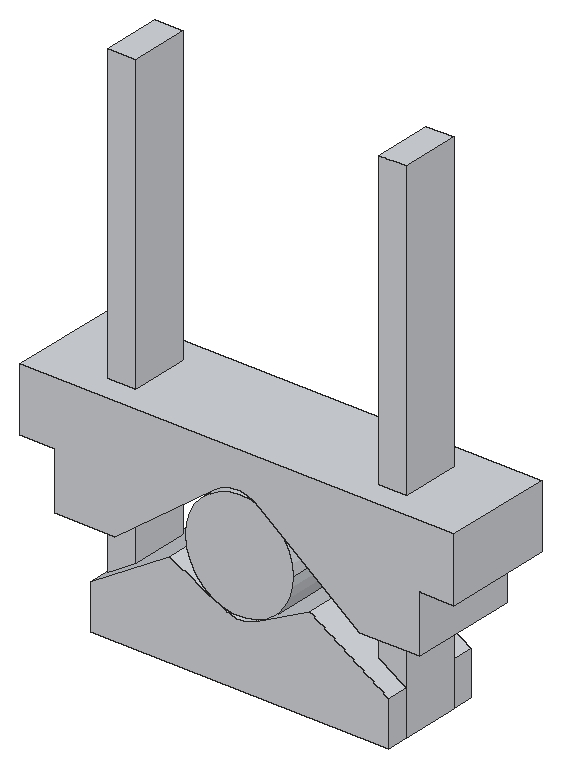
Revit family
Parameters (values of type "1/2" CTS")
  URL = "www.siouxchief.com"
  Model = "550-11"
  Manufacturer = "Sioux Chief Manufacturing"
  Keynote = "Touchdown Clamp"
  Description = "1/2\" CTS"
Reference planes (in)
  plane 1 "Center (Front/Back)": y = 0
  plane 2: z = 0
  plane 3 "Center (Left/Right)": x = 0
Forms (in)
  Extrusion 1, solid
    sketch origin (-0.687, 0.23525, 0) x (0, 0, 1) y (-1, 0, 0)
      loop
        line (0, 0) -> (0, -1.374) -> (0.20279, -1.374) -> (0.43606, -1.00854) -> (0.3064, -0.759)
        arc (0.3064, -0.759) -> (0.28881, -0.687) -> (0.3064, -0.615) r 0.15615
        line (0.3064, -0.615) -> (0.43606, -0.36546) -> (0.20279, 0) -> (0, 0)
    from 0 to 0.4705
  Extrusion 2, solid
    sketch origin (0, 0, 0) x (1, 0, 0) y (0, 1, 0)
      loop
        line (-0.687, 0.13525) -> (-0.687, -0.13525) -> (-0.562, -0.13525) -> (-0.562, 0.13525) -> (-0.687, 0.13525)
    from 0 to 2.36
  Extrusion 3, solid
    sketch origin (0, 0, 0) x (-1, 0, 0) y (0, -1, 0)
      loop
        line (-0.687, -0.13525) -> (-0.562, -0.13525) -> (-0.562, 0.13525) -> (-0.687, 0.13525) -> (-0.687, -0.13525)
    from 0 to 2.36
  Extrusion 4, solid
    sketch origin (-1, 0.251, -1.99851) x (0, 0, 1) y (-1, 0, 0)
      loop
        line (3, 0) -> (2.7052, 0) -> (2.7052, -0.1576) -> (2.4402, -0.1576) -> (2.4402, -0.437) -> (2.79546, -0.89417)
        arc (2.79546, -0.89417) -> (2.83175, -1) -> (2.79546, -1.10583) r 0.17247
        line (2.79546, -1.10583) -> (2.4402, -1.563) -> (2.4402, -1.8424) -> (2.7052, -1.8424) -> (2.7052, -2) -> (3, -2) -> (3, 0)
    from 0 to 0.502
  Extrusion 5, solid
    sketch origin (0, -0.211, 0.00391) x (0, 0, 1) y (-1, 0, 0)
      loop
        circle (0.55053, 0) r 0.25
    from -0.44625 to 0.02425
Dimensions and locks (in)
  locked: Extrusion 4 to Extrusion 1 at 1.00149
  aligned and locked: plane 2 to level
  aligned and locked: Extrusion 1 to Extrusion 5  (x2)
Connectors (in)
  piping at (0, -0.23525, 0.55443)
    settings: on Extrusion 5, index 1, connector radius 1/4", flow factor 0, pipe flow 0 GPM, pressure drop 0.00 psi, fitting loss kfactor 0, connector angle 0.00°, fixture units 0, flow configuration 0, flow direction 0, fitting loss method 0, system type 22, connector reference index -1, connector utility 0, adjustable connector no, is connector primary yes, fitting loss table "", connector description ""
  piping at (0, 0.23525, 0.55443)
    settings: on Extrusion 5, index 2, connector radius 1/4", flow factor 0, pipe flow 0 GPM, pressure drop 0.00 psi, fitting loss kfactor 0, connector angle 0.00°, fixture units 0, flow configuration 0, flow direction 0, fitting loss method 0, system type 22, connector reference index -1, connector utility 0, adjustable connector no, is connector primary no, fitting loss table "", connector description ""
